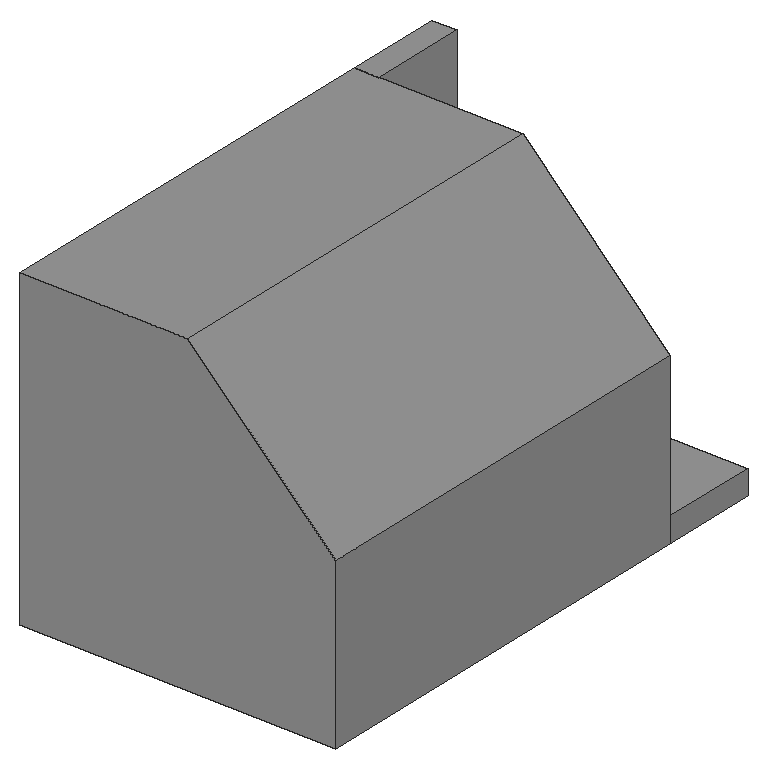
Revit family "Lavatory-Willoughby-CS-1036-46-L", category Plumbing Fixtures, Revit 2015
Parameters (values of type "Standard")
  Waste Connection = yes
  Vent Connection = no
  URL = "https://www.willoughby-ind.com/wp-content/uploads/2018/01/CS-1013-46-1.pdf"
  Revision = "A"
  Model = "CS-1036-46-L"
  Manufacturer = "Willoughby Industries"
  Lav Waste DIA = 1 1/2"
  HW Connection = no
  Fixture Body = Stainless Steel AISI 304-Willoughby
  Description = "13\" Wide Corner Lavatory, Left Hand"
  Default Elevation = 0' - 0"
  Contact = "(800) 428-4065"
  CW Connection = no
Reference planes (in)
  plane 1 "Center (Front/Back)": y = 0
  plane 2: z = 0
  plane 3 "Center (Left/Right)": x = 0
  plane 4 "Sink HGT": y = 34
  plane 5 "Top Of Unit": y = 38
  plane 6 "Bottom Of Unit": y = 16.75
  plane 7: x = -13
  plane 8: z = 7
  plane 9: z = 13
  plane 10: x = -6
  plane 11 "Bubbler": y = 36
  plane 12 "LAV Drain": y = 25.75
Forms (in)
  Extrusion 1, solid, material "Stainless Steel AISI 304-Willoughby" <- "Fixture Body"
    sketch origin (0, 34, 0) x (-1, 0, 0) y (0, 0, 1)
      loop
        line (0, 0) -> (13, 0) -> (13, 13) -> (6.06373, 13) -> (0, 6.93627) -> (0, 0)
    from 0 to -17.25
  Extrusion 2, solid, material "Stainless Steel AISI 304-Willoughby" <- "Fixture Body"
    sketch origin (0, 38, 0) x (-1, 0, 0) y (0, 0, 1)
      loop
        line (0, 0) -> (13, 0) -> (13, 13) -> (12, 13) -> (12, 1) -> (0, 1) -> (0, 0)
    from 0 to -4
  Extrusion 3, void
    sketch origin (0, 34, 0) x (-1, 0, 0) y (0, 0, 1)
      loop
        line (5.8941, 11.76971) -> (1.24047, 7.11607)
        arc (1.24047, 7.11607) -> (1.10875, 6.91895) -> (1.0625, 6.68643) r 0.60761
        line (1.0625, 6.68643) -> (1.0625, 3.64996)
        arc (1.0625, 3.64996) -> (1.52746, 2.52746) -> (2.64996, 2.0625) r 1.58746
        line (2.64996, 2.0625) -> (7.50915, 2.0625)
        arc (7.50915, 2.0625) -> (7.53039, 2.06673) -> (7.5484, 2.07876) r 0.05551
        line (7.5484, 2.07876) -> (7.87505, 2.40541) -> (10.59459, 5.12495) -> (10.92205, 5.45241)
        arc (10.92205, 5.45241) -> (10.93349, 5.46952) -> (10.9375, 5.4897) r 0.05274
        line (10.9375, 5.4897) -> (10.9375, 10.1875)
        arc (10.9375, 10.1875) -> (10.42494, 11.42494) -> (9.1875, 11.9375) r 1.75
        line (9.1875, 11.9375) -> (6.29918, 11.9375)
        arc (6.29918, 11.9375) -> (6.07995, 11.89389) -> (5.8941, 11.76971) r 0.57288
    from 0 to -5
  Revolve 4, solid, material "Stainless Steel AISI 304-Willoughby" <- "Fixture Body"
    sketch origin (-13, 25.75, 1) x (0, 0, 1) y (1, 0, 0)
      loop
        line (6, 0) -> (6.75, 0) -> (6.75, 1) -> (6, 1) -> (6, 0)
      axis (6, 1) -> (6, 0)
    angle from 0 to 360
  Revolve 5, solid, material "Stainless Steel AISI 304-Willoughby" <- "Fixture Body"
    sketch origin (-11, 36, 48) x (-1, 0, 0) y (0, 0, 1)
      loop
        line (1, -41) -> (1, -40.5) -> (0.25, -40.5)
        arc (0.25, -40.5) -> (0.05674, -40.71587) -> (0, -41) r 0.55002
        line (0, -41) -> (1, -41)
      axis (1, -41) -> (0, -41)
    angle from 0 to 360
  Extrusion 6, solid
    sketch origin (0, 0, 0) x (0, 1, 0) y (0, 0, 1)
      loop
        circle (36, 9) r 0.5
      loop
        circle (36, 5) r 0.5
    from -12 to -11.625
  Extrusion 7, solid
    sketch origin (0, 0, 0) x (0, 1, 0) y (0, 0, 1)
      loop
        circle (36, 9) r 0.25
      loop
        circle (36, 5) r 0.25
    from -13 to -11.25
Cuts and joins
  Extrusion 3 cuts Extrusion 1
Lines and regions (in)
  symbolic lines
    curve 1: line (-13, 16.75, 0) -> (-13, 34, 0)
    curve 2: line (-13, 34, 0) -> (0, 34, 0)
    curve 3: line (0, 34, 0) -> (0, 16.75, 0)
    curve 4: line (0, 16.75, 0) -> (-13, 16.75, 0)
    curve 10: line (-13, 25.75, 13) -> (-13, 25.75, 0)
    curve 11: line (-13, 25.75, 0) -> (0, 25.75, 0)
    curve 12: line (0, 25.75, 0) -> (0, 25.75, 6.93627)
    curve 13: line (0, 25.75, 6.93627) -> (-6.06373, 25.75, 13)
    curve 14: line (-6.06373, 25.75, 13) -> (-13, 25.75, 13)
    curve 29: line (0, 38, 0) -> (0, 16.75, 0)
    curve 30: line (0, 16.75, 0) -> (0, 16.75, 13)
    curve 31: line (0, 16.75, 13) -> (0, 38, 13)
    curve 32: line (0, 38, 13) -> (0, 38, 0)
    curve 42: circle (0, 36, 7) r 0.5 normal (1, 0, 0)
  symbolic lines, detail levels medium+fine
    curve 5: line (-13, 34, 0) -> (-13, 38, 0)
    curve 6: line (-13, 38, 0) -> (-12, 38, 0)
    curve 7: line (-12, 38, 0) -> (-12, 34, 0)
    curve 8: line (-12, 38, 0) -> (0, 38, 0)
    curve 9: line (0, 38, 0) -> (0, 34, 0)
    curve 15: line (-12, 25.75, 13) -> (-12, 25.75, 1)
    curve 16: line (-12, 25.75, 1) -> (0, 25.75, 1)
    curve 33: line (0, 34, 13) -> (0, 34, 0)
    curve 35: line (0, 34, 6.93627) -> (0, 16.75, 6.93627)
  symbolic lines, detail levels fine
    curve 17: line (-1.24047, 25.75, 7.11607) -> (-5.8941, 25.75, 11.76971)
    curve 18: line (-6.29918, 25.75, 11.9375) -> (-9.1875, 25.75, 11.9375)
    curve 19: line (-10.9375, 25.75, 10.1875) -> (-10.9375, 25.75, 5.46786)
    curve 20: line (-10.9375, 25.75, 5.46786) -> (-7.53214, 25.75, 2.0625)
    curve 21: line (-7.53214, 25.75, 2.0625) -> (-2.64996, 25.75, 2.0625)
    curve 22: line (-1.0625, 25.75, 3.64996) -> (-1.0625, 25.75, 6.68643)
    curve 23: arc (-1.0625, 25.75, 6.68643) -> (-1.10875, 25.75, 6.91895) -> (-1.24047, 25.75, 7.11607) r 0.60761
    curve 24: arc (-2.64996, 25.75, 2.0625) -> (-1.52746, 25.75, 2.52746) -> (-1.0625, 25.75, 3.64996) r 1.58746
    curve 25: arc (-7.50915, 25.75, 2.0625) -> (-7.53039, 25.75, 2.06673) -> (-7.5484, 25.75, 2.07876) r 0.05551
    curve 26: arc (-10.92205, 25.75, 5.45241) -> (-10.93349, 25.75, 5.46952) -> (-10.9375, 25.75, 5.4897) r 0.05274
    curve 27: arc (-10.9375, 25.75, 10.1875) -> (-10.42494, 25.75, 11.42494) -> (-9.1875, 25.75, 11.9375) r 1.75
    curve 28: arc (-6.29918, 25.75, 11.9375) -> (-6.07995, 25.75, 11.89389) -> (-5.8941, 25.75, 11.76971) r 0.57288
    curve 34: line (0, 38, 1) -> (0, 34, 1)
    curve 36: line (-11.25, 36.5, 0) -> (-12, 36.5, 0)
    curve 37: line (-11.25, 35.5, 0) -> (-12, 35.5, 0)
    curve 38: arc (-11.25, 36.5, 0) -> (-10.99421, 36, 0) -> (-11.25, 35.5, 0) r 0.61658
    curve 39: line (-11.25, 25.75, 7.5) -> (-12, 25.75, 7.5)
    curve 40: line (-11.25, 25.75, 6.5) -> (-12, 25.75, 6.5)
    curve 41: arc (-11.25, 25.75, 7.5) -> (-10.99308, 25.75, 7) -> (-11.25, 25.75, 6.5) r 0.61499
Dimensions and locks (in)
  plane 7 to plane 10 = 0' - 7"
  plane 4 "Sink HGT" to plane 6 "Bottom Of Unit" = 1' - 5 1/4"
  plane 10 to plane 7 = 0' - 7"
  level to plane 8 = 0' - 7"
  aligned and locked: plane 7 to Extrusion 2
  aligned and locked: plane 9 to Extrusion 2
  aligned and locked: Extrusion 2 to level
  aligned and locked: plane 3 "Center (Left/Right)" to Extrusion 2
  aligned and locked: plane 3 "Center (Left/Right)" to Extrusion 1
  aligned and locked: plane 9 to Extrusion 1
  aligned and locked: plane 7 to Extrusion 1
  aligned and locked: Extrusion 1 to level
  aligned and locked: Revolve 4 sketch curve to Revolve 4 sketch curve  (x2)
  aligned and locked: Revolve 5 sketch curve to Revolve 5 sketch curve  (x2)
Connectors (in)
  piping at (-13, 25.75, 7), diameter 1.5, driven by "Lav Waste DIA", driven by "Waste Connection"
    settings: on Revolve 4, index 1, connector inside diameter 24", connector length 0' - 0", flow factor 0, pipe flow 0 GPM, pressure drop 0.00 psi, fitting loss kfactor 0, connector angle 0.00°, fixture units 0, engagement length 0' - 0", angle of deflection 0.00°, flow configuration 0, flow direction 2, fitting loss method 0, system type 16, joint type 0, gender type 0, connector reference index -1, connector utility 1, adjustable connector no, is connector primary yes, connector description "Sink Waste"
